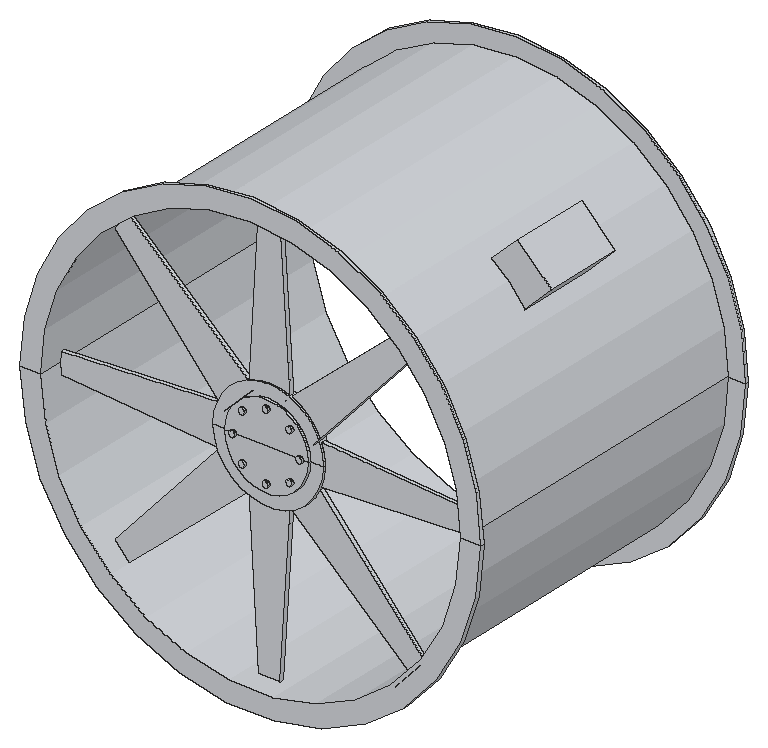
Revit family "CADS_Vent-Axia_MechEquip_Fan_LCA_710_3Ph4P - SUPPLY", category Mechanical Equipment, Revit 2020
Family settings
  Round Connector Dimension = Use Diameter
  Part Type = Normal
  OmniClass Number = 23.75.00.00
  OmniClass Title = Climate Control (HVAC)
  Work Plane-Based = No
  Always vertical = Yes
  Cut with Voids When Loaded = No
  Shared = No
  Room Calculation Point = No
Parameters (values of type "LCA713410")
  nr = NominalDiameter / 2  # 355 mm
  WorkingPressure = 0.0 Pa
  WarrantyStartDate [instance] = "1900-12-31T23:59:59"
  WarrantyPeriod = ""
  WarrantyIdentifier = "N/A"
  WarrantyGuarantorParts = "tech@vent-axia.com"
  WarrantyGuarantorLabor = "tech@vent-axia.com"
  WarrantyGuarantor = "Vent-Axia Limited"
  WarrantyEndDate [instance] = "1900-12-31T23:59:59"
  WarrantyContent = ""
  TemperatureRange = ""
  TagNumber [instance] = "N/A"
  SustainabilityPerformance = ""
  Status = "New"
  Size = ""
  Shape = ""
  ServiceLifeType = ""
  ServiceLifeDuration = ""
  SerialNumber [instance] = "N/A"
  ReplacementCost = ""
  RatedVoltage = 0 V
  RatedCurrent = 0 A
  Quantity = 1
  ProductionYear = ""
  PressureCurve = ""
  PowerFactor = ""
  PointOfContact = ""
  NumberOfPoles = 0
  NominalWidth = 710 mm
  NominalLength = 565 mm
  NominalHeight = 710 mm
  NominalFrequencyRange = ""
  NominalDiameter = 710 mm
  ModelReference = "LCAX 710mm 3PH 4P 10DEG"
  ModelNumber = "LCA713410"
  Material = ""
  ManufacturerE-Mail = "tech@vent-axia.com"
  ManufacturerAddress = "Fleming Way\nCrawley \nRH10 9YX"
  IsExtendedWarranty = no
  InsulationStandardClass = ""
  InstallationDate [instance] = "1900-12-31T23:59:59"
  IfcExportType [instance] = ""
  IfcExportAs = "IfcFanType"
  IP_Code = ""
  HasProtectiveEarth = no
  GrossWeight = 0.00 kg
  Grade = ""
  GlobalTradeItemNumber [instance] = "N/A"
  Fitting Type = "Ignore"
  Finish = ""
  Features = ""
  ExteriorInsulation = no
  ExpectedServiceLife = 0
  Exclusions = ""
  DurationUnit = "Year"
  Default Elevation = 0 mm
  Constituents = ""
  ConductorFunction = ""
  Color = ""
  CodePerformance = ""
  Category = ""
  CADS_Usage = 0
  CADS_Index = 0
  AssetType = "FIXED"
  AssetIdentifier [instance] = "N/A"
  AssemblyPlace = "UNKNOWN"
  ArticleNumber [instance] = "N/A"
  AirflowRateRange = 0.0 L/s
  Air Flow [instance] = 0.0 L/s
  AccessibilityPerformance = ""
Types (16, lengths in mm): name | ModelReference | ModelNumber
  LCA713410 | "LCAX 710mm 3PH 4P 10DEG" | "LCA713410"
  LCA713412 | "LCAX 710mm 3PH 4P 12DEG" | "LCA713412"
  LCA713414 | "LCAX 710mm 3PH 4P 14DEG" | "LCA713414"
  LCA713416 | "LCAX 710mm 3PH 4P 16DEG" | "LCA713416"
  LCA713418 | "LCAX 710mm 3PH 4P 18DEG" | "LCA713418"
  LCA713420 | "LCAX 710mm 3PH 4P 20DEG" | "LCA713420"
  LCA713422 | "LCAX 710mm 3PH 4P 22DEG" | "LCA713422"
  LCA713424 | "LCAX 710mm 3PH 4P 24DEG" | "LCA713424"
  LCA713426 | "LCAX 710mm 3PH 4P 26DEG" | "LCA713426"
  LCA713428 | "LCAX 710mm 3PH 4P 28DEG" | "LCA713428"
  LCA713430 | "LCAX 710mm 3PH 4P 30DEG" | "LCA713430"
  LCA713432 | "LCAX 710mm 3PH 4P 32DEG" | "LCA713432"
  LCA713434 | "LCAX 710mm 3PH 4P 34DEG" | "LCA713434"
  LCA713436 | "LCAX 710mm 3PH 4P 36DEG" | "LCA713436"
  LCA713438 | "LCAX 710mm 3PH 4P 38DEG" | "LCA713438"
  LCA713440 | "LCAX 710mm 3PH 4P 40DEG" | "LCA713440"
Reference planes
  plane 1 "Center (Front/Back)": y = 0
  plane 2: z = 0
  plane 3 "Center (Left/Right)": x = 0
  plane 4: x = -355
  plane 5: x = 355
  plane 6 "F": y = -282.5
  plane 7 "B": y = 282.5
  plane 8: x = -390
  plane 9: y = 277.5
  plane 10: y = -277.5
  plane 11: x = -360
  plane 12: y = -242.5
  plane 13 "top": z = 355
  plane 14: z = -355
  plane 15 "45deg": through (0, -1524, 0) normal (-0.7071, 0, -0.7071)
  plane 16 "C": through (0, -1524, 0) normal (-0.7071, 0, 0.7071)
Forms (mm)
  Revolve 1, solid
    sketch origin (0, 0, 0) x (1, 0, 0) y (0, 1, 0)
      loop
        line (-390, -282.5) -> (-355, -282.5) -> (-355, 282.5) -> (-390, 282.5) -> (-390, 277.5) -> (-360, 277.5) -> (-360, -277.5) -> (-390, -277.5) -> (-390, -282.5)
      axis (0, 282.5) -> (0, -282.5)
    angle from 0 to 360
  Sweep 2, solid
    path origin (0, 0, 0) x (1, 0, 0) y (0, 0, 1)
      loop
        line (251.023, 251.023) -> (296.985, 296.985)
    profile origin (274.004, 0, 274.004) x (-0.707107, 0, 0.707107) y (0, -1, 0)
      loop
        line (37.5, 55) -> (-42.73, 55) -> (-42.73, -79.5) -> (37.5, -79.5) -> (37.5, 55)
Dimensions and locks
  equal spacing: plane 4, plane 3 "Center (Left/Right)", plane 5
  equal spacing: plane 7 "B", plane 1 "Center (Front/Back)", plane 6 "F"
  "NominalLength": plane 7 "B" to plane 6 "F"
  "NominalDiameter": plane 4 to plane 5
  locked: plane 11 to plane 4 at 5
  locked: plane 8 to plane 11 at 30
  locked: plane 6 "F" to plane 10 at 5
  locked: plane 7 "B" to plane 9 at 5
  locked: plane 6 "F" to plane 12 at 40
  equal spacing: plane 13 "top", level, plane 14
  "NominalDiameter": plane 13 "top" to plane 14
  "nr": Sweep 2 sketch curve to nested 13
  Sweep 2 sketch curve to Sweep 2 sketch curve = 65 mm
  aligned and locked: level to plane 2
  aligned and locked: nested 1 to plane 12
Automatic sketch dimensions
  plane 6 "F" to Revolve 1 sketch curve = 0 mm
  Revolve 1 sketch curve to plane 8 = 0 mm  (x2)
  plane 10 to Revolve 1 sketch curve = 0 mm
  Revolve 1 sketch curve to plane 11 = 0 mm
  Revolve 1 sketch curve to plane 4 = 0 mm
  Revolve 1 sketch curve to plane 3 "Center (Left/Right)" = 0 mm
  plane 1 "Center (Front/Back)" to Revolve 1 sketch curve = 0 mm
  Revolve 1 sketch curve to plane 9 = 0 mm
  Revolve 1 sketch curve to plane 7 "B" = 0 mm
  plane 6 "F" to Revolve 1 sketch curve = 115 mm
  plane 1 "Center (Front/Back)" to Sweep 2 sketch curve = 55 mm
  Sweep 2 sketch curve to profile plane = 37.5 mm
  Sweep 2 sketch curve to Sweep 2 sketch curve = 80.23 mm
  Sweep 2 sketch curve to Sweep 2 sketch curve = 134.5 mm
  Sweep 2 sketch curve to plane 16 "C" = 0 mm  (x2)
Nested families
  nested 1: "Fan for ESC" at (0, -242.5, 0), ND <- "NominalDiameter", type "Fan for ESC"
    with hub 71 mm, ND 710 mm, BoltPCD 56.8 mm, Bolt Count 8, B_Diam 10 mm
  nested 2: "Bolts" at (0, -251.672, -56.8) x (-1, 0, 0) z (0, 1, 0), type "Bolts"
    with bd 10 mm
  nested 3: "Bolts" at (-40.164, -251.672, -40.164) x (-0.7071, 0, 0.7071) z (0, 1, 0), type "Bolts"
    with bd 10 mm
  nested 4: "Bolts" at (-56.8, -251.672, 0) x (0, 0, 1) z (0, 1, 0), type "Bolts"
    with bd 10 mm
  nested 5: "Bolts" at (-40.164, -251.672, 40.164) x (0.7071, 0, 0.7071) z (0, 1, 0), type "Bolts"
    with bd 10 mm
  nested 6: "Bolts" at (40.164, -251.672, 40.164) x (0.7071, 0, -0.7071) z (0, 1, 0), type "Bolts"
    with bd 10 mm
  nested 7: "Bolts" at (0, -251.672, 56.8) x (1, 0, 0) z (0, 1, 0), type "Bolts"
    with bd 10 mm
  nested 8: "ESC Blade" at (0, -242.5, 0), type "ESC Blade"
    with a 20.00°, HR 71 mm, HD 142 mm, BT 35.5 mm, BR 284 mm, BH 40 mm, BD 710 mm, BB 71 mm
  nested 9: "ESC Blade" at (0, -242.5, 0) x (0.7071, 0, -0.7071) z (0.7071, 0, 0.7071), type "ESC Blade"
    with a 20.00°, HR 71 mm, HD 142 mm, BT 35.5 mm, BR 284 mm, BH 40 mm, BD 710 mm, BB 71 mm
  nested 10: "ESC Blade" at (0, -242.5, 0) x (0, 0, -1) z (1, 0, 0), type "ESC Blade"
    with a 20.00°, HR 71 mm, HD 142 mm, BT 35.5 mm, BR 284 mm, BH 40 mm, BD 710 mm, BB 71 mm
  nested 11: "ESC Blade" at (0, -242.5, 0) x (-0.7071, 0, -0.7071) z (0.7071, 0, -0.7071), type "ESC Blade"
    with a 20.00°, HR 71 mm, HD 142 mm, BT 35.5 mm, BR 284 mm, BH 40 mm, BD 710 mm, BB 71 mm
  nested 12: "ESC Blade" at (0, -242.5, 0) x (-1, 0, 0) z (0, 0, -1), type "ESC Blade"
    with a 20.00°, HR 71 mm, HD 142 mm, BT 35.5 mm, BR 284 mm, BH 40 mm, BD 710 mm, BB 71 mm
  nested 13: "ESC Blade" at (0, -242.5, 0) x (-0.7071, 0, -0.7071) z (-0.7071, 0, 0.7071), type "ESC Blade"
    with a 20.00°, HR 71 mm, HD 142 mm, BT 35.5 mm, BR 284 mm, BH 40 mm, BD 710 mm, BB 71 mm
  nested 14: "ESC Blade" at (0, -242.5, 0) x (0, 0, -1) z (-1, 0, 0), type "ESC Blade"
    with a 20.00°, HR 71 mm, HD 142 mm, BT 35.5 mm, BR 284 mm, BH 40 mm, BD 710 mm, BB 71 mm
  nested 15: "ESC Blade" at (0, -242.5, 0) x (0.7071, 0, -0.7071) z (-0.7071, 0, -0.7071), type "ESC Blade"
    with a 20.00°, HR 71 mm, HD 142 mm, BT 35.5 mm, BR 284 mm, BH 40 mm, BD 710 mm, BB 71 mm
  nested 16: "Bolts" at (56.8, -251.672, 0) x (0, 0, -1) z (0, 1, 0), type "Bolts"
    with bd 10 mm
  nested 17: "Bolts" at (40.164, -251.672, -40.164) x (-0.7071, 0, -0.7071) z (0, 1, 0), type "Bolts"
    with bd 10 mm
Connectors
  hvac at (0, -282.5, 0), driven by "NominalDiameter", driven by "Air Flow"
    settings: on Revolve 1, index 1, duct flow 0.0 L/s, flow factor 0, pres drop 0.0 Pa, loss coef 0, conn angle 0.00°, conn width 304.8 mm, conn height 304.8 mm, conn diameter 710 mm, duct sys type 1, conn prof type 0, flow config 1, flow direction 1, loss method 0, conn ref index -1, conn util no, is conn primary yes, conn desc ""
  hvac at (0, 282.5, 0), driven by "NominalDiameter", driven by "Air Flow"
    settings: on Revolve 1, index 2, duct flow 0.0 L/s, flow factor 0, pres drop 0.0 Pa, loss coef 0, conn angle 0.00°, conn width 304.8 mm, conn height 304.8 mm, conn diameter 710 mm, duct sys type 1, conn prof type 0, flow config 0, flow direction 2, loss method 0, conn ref index -1, conn util no, is conn primary no, conn desc ""
Definition of nested family "Fan for ESC"
  Parameters (values of type "Fan for ESC")
    hub [instance] = ND / 10  # 56.7 mm
    ND [instance] = 567 mm
    Model = "."
    Default Elevation = 0 mm
    BoltPCD [instance] = hub - (hub * 0.2)  # 45.36 mm
    Bolt Count [instance] = if(hub < 50 mm, 6, 8)  # 8
    B_Diam [instance] = if(hub < 50 mm, 5 mm, 10 mm)  # 10 mm
  Reference planes
    plane 1 "Center (Front/Back)": y = 0
    plane 2: z = 0
    plane 3 "Center (Left/Right)": x = 0
    plane 4 "back": y = 20
    plane 5 "bolts": y = -9.172
    plane 6 "B": z = 56.7
    plane 7: x = -79.287
    plane 8: x = -56.7
    plane 9 "hubface": y = -6.172
  Forms (mm)
    Revolve 1, solid
      sketch origin (0, 0, 0) x (1, 0, 0) y (0, 1, 0)
        loop
          line (0, 20) -> (-56.7, 20) -> (-56.7, 10.504) -> (-79.287, 10.504) -> (-79.287, -2.597) -> (-56.7, -2.597) -> (-56.7, -6.172) -> (0, -6.172) -> (0, 20)
        axis (0, 20) -> (0, -6.172)
      angle from 0 to 360
    Extrusion 2, solid, not visible
      sketch origin (0, -6.347, -4) x (-1, 0, 0) y (0, 0, 1)
        loop
          circle (0, 84) r 5
      from 0 to 3
  Lines and regions (mm)
    symbolic lines
      curve 1: circle (0, -9.172, 0) r 45.36 normal (0, 1, 0)
    model lines, not visible
      curve 2: line (0, -6.347, 85) -> (0, -6.347, 75)
  Dimensions and locks
    "hub": plane 6 "B" to plane 2
    "hub": nested 3 to plane 3 "Center (Left/Right)"
    "hub": nested 4 to plane 3 "Center (Left/Right)"
    "hub": nested 5 to plane 3 "Center (Left/Right)"
    "hub": plane 3 "Center (Left/Right)" to nested 6
    "hub": Revolve 1 sketch curve to Revolve 1 sketch curve
    "hub": plane 3 "Center (Left/Right)" to nested 7
    "hub": plane 3 "Center (Left/Right)" to nested 8
    "hub": plane 3 "Center (Left/Right)" to nested 9
    "hub": plane 8 to plane 3 "Center (Left/Right)"
    plane 7 to plane 8 = 22.587 mm
    diameter of Extrusion 2 sketch curve = 10 mm
    "BoltPCD": radius of curve 1
    "BoltPCD": radius of radial array
    aligned and locked: level to plane 2
    aligned and locked: plane 6 "B" to nested 1
  Automatic sketch dimensions
    Revolve 1 sketch curve to plane 7 = 0 mm
    Revolve 1 sketch curve to plane 8 = 0 mm  (x2)
    Revolve 1 sketch curve to plane 3 "Center (Left/Right)" = 0 mm
    Revolve 1 sketch curve to plane 9 "hubface" = 0 mm
    plane 4 "back" to Revolve 1 sketch curve = 0 mm
    plane 1 "Center (Front/Back)" to Revolve 1 sketch curve = 2.597 mm
    plane 4 "back" to Revolve 1 sketch curve = 9.496 mm
    Revolve 1 sketch curve to Revolve 1 sketch curve = 5 mm
    Revolve 1 sketch curve to plane 4 "back" = 45 mm
    curve 1 to level = 0 mm
    curve 1 to plane 3 "Center (Left/Right)" = 0 mm
  Nested families
    nested 1: "ESC Blade" at (0, 0, 0), BD <- "ND", HD <- "hub", type "ESC Blade"
      with a 20.00°, HR 56.7 mm, HD 113.4 mm, BT 28.35 mm, BR 226.8 mm, BH 40 mm, BD 567 mm, BB 56.7 mm
    nested 2: "ESC Blade" at (0, 0, 755), BD <- "ND", HD <- "hub", type "ESC Blade", not visible
      with a 20.00°, HR 56.7 mm, HD 113.4 mm, BT 28.35 mm, BR 226.8 mm, BH 40 mm, BD 567 mm, BB 56.7 mm
    nested 3: "ESC Blade" at (0, 0, 0) x (0.7071, 0, -0.7071) z (0.7071, 0, 0.7071), BD <- "ND", HD <- "hub", type "ESC Blade"
      with a 20.00°, HR 56.7 mm, HD 113.4 mm, BT 28.35 mm, BR 226.8 mm, BH 40 mm, BD 567 mm, BB 56.7 mm
    nested 4: "ESC Blade" at (0, 0, 0) x (0, 0, -1) z (1, 0, 0), BD <- "ND", HD <- "hub", type "ESC Blade"
      with a 20.00°, HR 56.7 mm, HD 113.4 mm, BT 28.35 mm, BR 226.8 mm, BH 40 mm, BD 567 mm, BB 56.7 mm
    nested 5: "ESC Blade" at (0, 0, 0) x (-0.7071, 0, -0.7071) z (0.7071, 0, -0.7071), BD <- "ND", HD <- "hub", type "ESC Blade"
      with a 20.00°, HR 56.7 mm, HD 113.4 mm, BT 28.35 mm, BR 226.8 mm, BH 40 mm, BD 567 mm, BB 56.7 mm
    nested 6: "ESC Blade" at (0, 0, 0) x (-1, 0, 0) z (0, 0, -1), BD <- "ND", HD <- "hub", type "ESC Blade"
      with a 20.00°, HR 56.7 mm, HD 113.4 mm, BT 28.35 mm, BR 226.8 mm, BH 40 mm, BD 567 mm, BB 56.7 mm
    nested 7: "ESC Blade" at (0, 0, 0) x (-0.7071, 0, -0.7071) z (-0.7071, 0, 0.7071), BD <- "ND", HD <- "hub", type "ESC Blade"
      with a 20.00°, HR 56.7 mm, HD 113.4 mm, BT 28.35 mm, BR 226.8 mm, BH 40 mm, BD 567 mm, BB 56.7 mm
    nested 8: "ESC Blade" at (0, 0, 0) x (0, 0, -1) z (-1, 0, 0), BD <- "ND", HD <- "hub", type "ESC Blade"
      with a 20.00°, HR 56.7 mm, HD 113.4 mm, BT 28.35 mm, BR 226.8 mm, BH 40 mm, BD 567 mm, BB 56.7 mm
    nested 9: "ESC Blade" at (0, 0, 0) x (0.7071, 0, -0.7071) z (-0.7071, 0, -0.7071), BD <- "ND", HD <- "hub", type "ESC Blade"
      with a 20.00°, HR 56.7 mm, HD 113.4 mm, BT 28.35 mm, BR 226.8 mm, BH 40 mm, BD 567 mm, BB 56.7 mm
    nested 10: "Bolts" at (0, -9.172, 45.36) x (1, 0, 0) z (0, 1, 0), bd <- "B_Diam", type "Bolts"
      with bd 10 mm
    nested 11: "Bolts" at (32.074, -9.172, 32.074) x (0.7071, 0, -0.7071) z (0, 1, 0), bd <- "B_Diam", type "Bolts"
      with bd 10 mm
    nested 12: "Bolts" at (-32.074, -9.172, 32.074) x (0.7071, 0, 0.7071) z (0, 1, 0), bd <- "B_Diam", type "Bolts"
      with bd 10 mm
    nested 13: "Bolts" at (-45.36, -9.172, 0) x (0, 0, 1) z (0, 1, 0), bd <- "B_Diam", type "Bolts"
      with bd 10 mm
    nested 14: "Bolts" at (-32.074, -9.172, -32.074) x (-0.7071, 0, 0.7071) z (0, 1, 0), bd <- "B_Diam", type "Bolts"
      with bd 10 mm
    nested 15: "Bolts" at (0, -9.172, -45.36) x (-1, 0, 0) z (0, 1, 0), bd <- "B_Diam", type "Bolts"
      with bd 10 mm
    nested 16: "Bolts" at (32.074, -9.172, -32.074) x (-0.7071, 0, -0.7071) z (0, 1, 0), bd <- "B_Diam", type "Bolts"
      with bd 10 mm
    nested 17: "Bolts" at (45.36, -9.172, 0) x (0, 0, -1) z (0, 1, 0), bd <- "B_Diam", type "Bolts"
      with bd 10 mm
  Definition of nested family "ESC Blade"
    Parameters (values of type "ESC Blade")
      a [instance] = 20.00°
      HR [instance] = HD / 2  # 30 mm
      HD [instance] = BD / 5  # 60 mm
      Default Elevation = 1219.2 mm
      BT [instance] = BD / 20  # 15 mm
      BR [instance] = (BD / 2) - HR  # 120 mm
      BH [instance] = 40 mm
      BD [instance] = 300 mm
      BB [instance] = BD / 10  # 30 mm
    Reference planes
      plane 1 "Center (Front/Back)": y = 0
      plane 2: z = 0
      plane 3 "Center (Left/Right)": x = 0
      plane 4 "Blade Bot": z = 30
      plane 5: x = -15
      plane 6: x = 15
      plane 7: x = -7.5
      plane 8: x = 7.5
    Forms (mm)
      Blend 1, solid
        base sketch origin (0, 0, 30) x (-1, 0, 0) y (0, -1, 0)
          loop
            line (15, 0) -> (-15, 0) -> (-15, -6) -> (15, -6) -> (15, 0)
        top sketch origin (0, 0, 30) x (-1, 0, 0) y (0, -1, 0)
          loop
            line (7.5, -6) -> (7.5, 0) -> (-7.5, 0) -> (-7.5, -6) -> (7.5, -6)
        from 0 to 120 <- "BR"
    Dimensions and locks
      "HR": plane 4 "Blade Bot" to level
      equal spacing: plane 8, plane 3 "Center (Left/Right)", plane 7
      "BT": plane 8 to plane 7
      equal spacing: plane 6, plane 3 "Center (Left/Right)", plane 5
      "BB": plane 6 to plane 5
      aligned and locked: level to plane 2
    Automatic sketch dimensions
      plane 1 "Center (Front/Back)" to Blend 1 sketch curve = 0 mm  (x2)
      Blend 1 sketch curve to plane 6 = 0 mm
      Blend 1 sketch curve to plane 5 = 0 mm
      Blend 1 sketch curve to plane 1 "Center (Front/Back)" = 6 mm  (x2)
      Blend 1 sketch curve to plane 8 = 0 mm
      Blend 1 sketch curve to plane 7 = 0 mm
  Definition of nested family "Bolts"
    Parameters
      bd [instance] = 10 mm
      Default Elevation = 1219.2 mm
    Reference planes
      plane 1 "Center (Front/Back)": y = 0
      plane 2: z = 0
      plane 3 "Center (Left/Right)": x = 0
    Forms (mm)
      Extrusion 1, solid
        sketch origin (0, 0, 0) x (1, 0, 0) y (0, 1, 0)
          loop
            line (-1219.2, 1219.2) -> (-1219.2, -1219.2) -> (1219.2, -1219.2) -> (1219.2, 1219.2) -> (-1219.2, 1219.2)
        from 0 to -304.8
      Extrusion 2, solid
        sketch origin (0, 0, 0) x (1, 0, 0) y (0, 1, 0)
          loop
            circle (0, 0) r 5
        from 0 to 3
    Dimensions and locks
      "bd": diameter of Extrusion 2 sketch curve
      aligned and locked: plane 2 to Extrusion 1
      aligned and locked: level to Extrusion 1
    Automatic sketch dimensions
      Extrusion 1 sketch curve to Extrusion 1 sketch curve = 2438.4 mm  (x2)
      plane 1 "Center (Front/Back)" to Extrusion 2 sketch curve = 0 mm
      Extrusion 2 sketch curve to plane 3 "Center (Left/Right)" = 0 mm
Definition of nested family "Bolts"
  Parameters
    bd [instance] = 10 mm
    Default Elevation = 1219.2 mm
  Reference planes
    plane 1 "Center (Front/Back)": y = 0
    plane 2: z = 0
    plane 3 "Center (Left/Right)": x = 0
  Forms (mm)
    Extrusion 1, solid
      sketch origin (0, 0, 0) x (1, 0, 0) y (0, 1, 0)
        loop
          line (-1219.2, 1219.2) -> (-1219.2, -1219.2) -> (1219.2, -1219.2) -> (1219.2, 1219.2) -> (-1219.2, 1219.2)
      from 0 to -304.8
    Extrusion 2, solid
      sketch origin (0, 0, 0) x (1, 0, 0) y (0, 1, 0)
        loop
          circle (0, 0) r 5
      from 0 to 3
  Dimensions and locks
    "bd": diameter of Extrusion 2 sketch curve
    aligned and locked: plane 2 to Extrusion 1
    aligned and locked: level to Extrusion 1
  Automatic sketch dimensions
    Extrusion 1 sketch curve to Extrusion 1 sketch curve = 2438.4 mm  (x2)
    plane 1 "Center (Front/Back)" to Extrusion 2 sketch curve = 0 mm
    Extrusion 2 sketch curve to plane 3 "Center (Left/Right)" = 0 mm
Definition of nested family "ESC Blade"
  Parameters (values of type "ESC Blade")
    a [instance] = 20.00°
    HR [instance] = HD / 2  # 30 mm
    HD [instance] = BD / 5  # 60 mm
    Default Elevation = 1219.2 mm
    BT [instance] = BD / 20  # 15 mm
    BR [instance] = (BD / 2) - HR  # 120 mm
    BH [instance] = 40 mm
    BD [instance] = 300 mm
    BB [instance] = BD / 10  # 30 mm
  Reference planes
    plane 1 "Center (Front/Back)": y = 0
    plane 2: z = 0
    plane 3 "Center (Left/Right)": x = 0
    plane 4 "Blade Bot": z = 30
    plane 5: x = -15
    plane 6: x = 15
    plane 7: x = -7.5
    plane 8: x = 7.5
  Forms (mm)
    Blend 1, solid
      base sketch origin (0, 0, 30) x (-1, 0, 0) y (0, -1, 0)
        loop
          line (15, 0) -> (-15, 0) -> (-15, -6) -> (15, -6) -> (15, 0)
      top sketch origin (0, 0, 30) x (-1, 0, 0) y (0, -1, 0)
        loop
          line (7.5, -6) -> (7.5, 0) -> (-7.5, 0) -> (-7.5, -6) -> (7.5, -6)
      from 0 to 120 <- "BR"
  Dimensions and locks
    "HR": plane 4 "Blade Bot" to level
    equal spacing: plane 8, plane 3 "Center (Left/Right)", plane 7
    "BT": plane 8 to plane 7
    equal spacing: plane 6, plane 3 "Center (Left/Right)", plane 5
    "BB": plane 6 to plane 5
    aligned and locked: level to plane 2
  Automatic sketch dimensions
    plane 1 "Center (Front/Back)" to Blend 1 sketch curve = 0 mm  (x2)
    Blend 1 sketch curve to plane 6 = 0 mm
    Blend 1 sketch curve to plane 5 = 0 mm
    Blend 1 sketch curve to plane 1 "Center (Front/Back)" = 6 mm  (x2)
    Blend 1 sketch curve to plane 8 = 0 mm
    Blend 1 sketch curve to plane 7 = 0 mm
